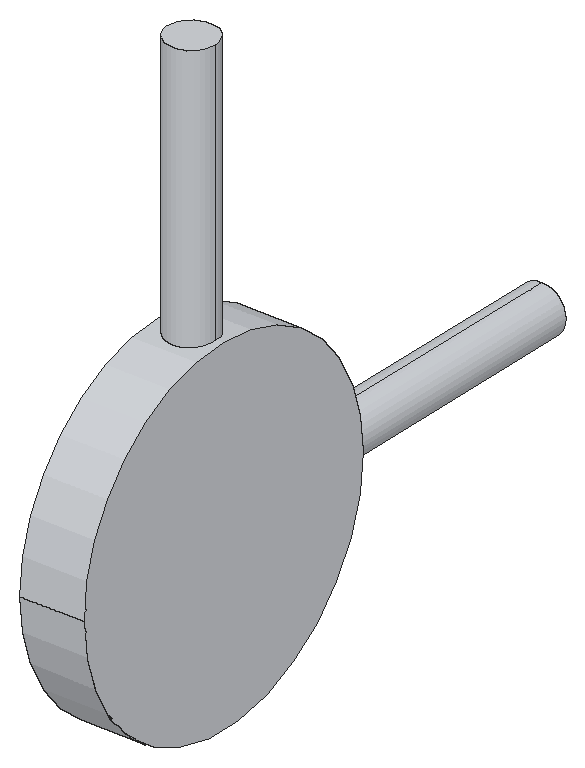
Revit family "307_Cim3723B-_", category Pipe Accessories, Revit 2016
Family settings
  Part Type = Breaks Into
  Round Connector Dimension = Use Diameter
  Work Plane-Based = No
  Always vertical = Yes
  Cut with Voids When Loaded = No
  Shared = No
Parameters (values of type "Cim3723B-50")
  magiProductId = "Cim3723B-50"
  magiProductFamilyId = "Cim3723B-*"
  magiProductCode = "Cim3723B-50"
  magiPartTypeId = 307
  isMeasuringValve [instance] = no
  ang2D [instance] = 0.00°
  W2D = 50 mm
  VersionID = "2.0/2015.11/CIMBERIO_CIM3723B_Q13_001"
  Use Minimum Symbol Size [instance] = yes
  URL = "www.cimberio.it"
  QmdConnectorList = "301;D;302;D"
  Productdata [instance] = "© Progman Oy, all rights reserved"
  Manufacturer = "Cimberio"
  MC_Default_elevation = 0 mm
  LL1 = 10 mm
  L2D_Min = 3048 mm
  L2D = 20 mm
  L = 20 mm
  H = 136 mm
  Description = "METERING STATION - PN 16 - STAINLESS STEEL - FLANGED END"
  D2 = 15 mm
  D1 = 108 mm
  D = 50 mm
  CAT0 = yes
Types (9, lengths in mm): name | magiProductId | magiProductCode | W2D | H | D1 | D
  Cim3723B-50 | "Cim3723B-50" | "Cim3723B-50" | 50 | 136 | 108 | 50
  Cim3723B-300 | "Cim3723B-300" | "Cim3723B-300" | 300 | 304 | 385 | 300
  Cim3723B-250 | "Cim3723B-250" | "Cim3723B-250" | 250 | 136 | 108 | 50
  Cim3723B-200 | "Cim3723B-200" | "Cim3723B-200" | 200 | 219 | 275 | 200
  Cim3723B-150 | "Cim3723B-150" | "Cim3723B-150" | 150 | 192 | 220 | 150
  Cim3723B-125 | "Cim3723B-125" | "Cim3723B-125" | 125 | 179 | 194 | 125
  Cim3723B-100 | "Cim3723B-100" | "Cim3723B-100" | 100 | 164 | 164 | 100
  Cim3723B-80 | "Cim3723B-80" | "Cim3723B-80" | 80 | 154 | 144 | 80
  Cim3723B-65 | "Cim3723B-65" | "Cim3723B-65" | 65 | 145 | 125 | 65
Reference planes
  plane 1 "Center (Front/Back)": y = 0
  plane 2 "XYPLANE": z = 0
  plane 3 "Center (Left/Right)": x = 0
  plane 4 "INIT_TEMP": y = 100
  plane 5 "97": x = 0
  plane 6 "96": y = 0
  plane 7 "95": z = 0
  plane 8 "94": x = -10
  plane 9 "93": x = 10
Forms (mm)
  Extrusion 1, solid, visible <- "CAT0"
    sketch origin (750, 0, 0) x (-1, 0, 0) y (0, 0, 1)
      loop
        circle (750, 0) r 7.5
    from 0 to 136 <- "H"
  Extrusion 2, solid, visible <- "CAT0"
    sketch origin (-750, 0, 0) x (1, 0, 0) y (0, 1, 0)
      loop
        circle (750, 0) r 7.5
    from 0 to 136 <- "H"
  Extrusion 3, solid, visible <- "CAT0"
    sketch origin (-10, -750, 0) x (0, 1, 0) y (0, 0, 1)
      loop
        circle (750, 0) r 54
    from 0 to 20 <- "L"
  Extrusion 4, solid, not visible
    sketch origin (10, -750, 0) x (0, 1, 0) y (0, 0, 1)
      loop
        circle (750, 0) r 10
    from 0 to -10
  Extrusion 5, solid, not visible
    sketch origin (-10, -750, 0) x (0, 1, 0) y (0, 0, 1)
      loop
        circle (750, 0) r 10
    from 0 to 10
Text (mm)
  text "© Progman Oy, all rights reserved" at (-472.209, -2482.653, 0), in view "Ref. Level"
Dimensions and locks
  plane 4 "INIT_TEMP" to plane 1 "Center (Front/Back)" = 100 mm
  locked: plane 3 "Center (Left/Right)" to plane 5 "97"
  locked: plane 1 "Center (Front/Back)" to plane 6 "96"
  locked: plane 2 "XYPLANE" to plane 7 "95"
  "LL1": plane 3 "Center (Left/Right)" to plane 8 "94"
  "LL1": plane 3 "Center (Left/Right)" to plane 9 "93"
  "D2": diameter of Extrusion 1 sketch curve
  "D2": diameter of Extrusion 2 sketch curve
  "D1": diameter of Extrusion 3 sketch curve
  aligned and locked: level to plane 2 "XYPLANE"
  aligned and locked: plane 5 "97" to Extrusion 1 sketch curve
  aligned and locked: plane 7 "95" to Extrusion 1 sketch curve
  aligned and locked: plane 5 "97" to Extrusion 2 sketch curve
  aligned and locked: plane 6 "96" to Extrusion 2 sketch curve
  aligned and locked: Extrusion 3 sketch curve to plane 6 "96"
  aligned and locked: plane 7 "95" to Extrusion 3 sketch curve
  aligned and locked: Extrusion 4 sketch curve to plane 6 "96"
  aligned and locked: plane 7 "95" to Extrusion 4 sketch curve
  aligned and locked: Extrusion 5 sketch curve to plane 6 "96"
  aligned and locked: plane 7 "95" to Extrusion 5 sketch curve
Automatic sketch dimensions
  plane 1 "Center (Front/Back)" to Extrusion 4 sketch curve = 10 mm
  plane 1 "Center (Front/Back)" to Extrusion 5 sketch curve = 10 mm
Connectors
  piping at (-10, 0, 0), diameter 50, driven by "D"
    settings: on Extrusion 5, index 1, connector inside diameter 609.6 mm, connector length 0 mm, flow factor 0, pipe flow 0.0 L/s, pressure drop 0.0 Pa, fitting loss kfactor 0, connector angle 0.00°, fixture units 0, engagement length 0 mm, angle of deflection 0.00°, flow configuration 0, flow direction 0, fitting loss method 0, system type 29, joint type 0, gender type 0, connector reference index 2, connector utility 0, adjustable connector no, is connector primary yes, connector description ""
  piping at (10, 0, 0), diameter 50, driven by "D"
    settings: on Extrusion 4, index 2, connector inside diameter 609.6 mm, connector length 0 mm, flow factor 0, pipe flow 0.0 L/s, pressure drop 0.0 Pa, fitting loss kfactor 0, connector angle 0.00°, fixture units 0, engagement length 0 mm, angle of deflection 0.00°, flow configuration 0, flow direction 0, fitting loss method 0, system type 29, joint type 0, gender type 0, connector reference index 1, connector utility 0, adjustable connector no, is connector primary no, connector description ""
